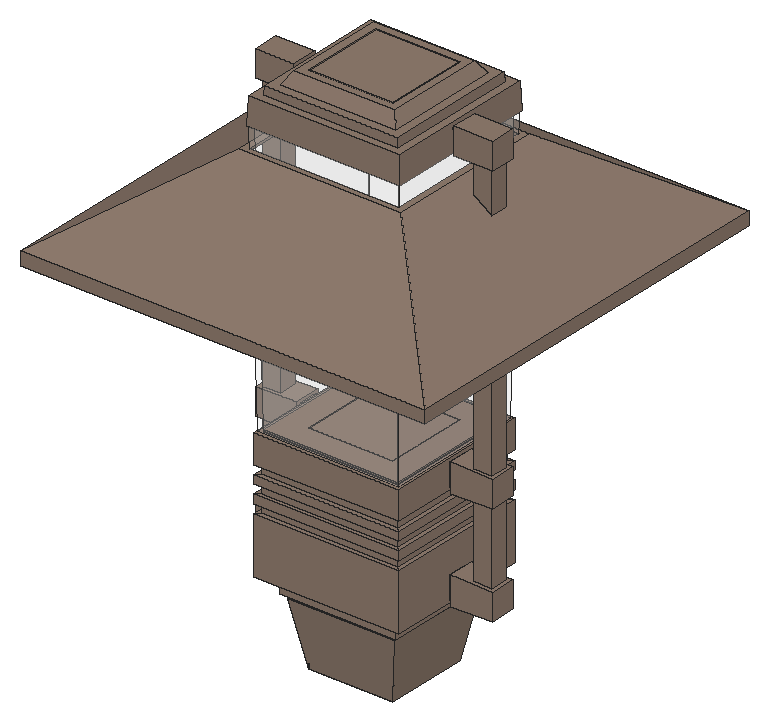
Revit family "PKWM", category Lighting Fixtures, host Face, Revit 2012 (continued)
Definition of nested family "Web PKWM"
  Parameters (values of type "PKWM-STR-Y3VC-32LED-3K-525")
    built-in parameter 1150137 = (empty or 0)
    built-in parameter 1150139 = (empty or 0)
    built-in parameter 1150112 = 1 (stored number, unit not read)
    built-in parameter 1150114 = 1 (stored number, unit not read)
    Lamp = ""
    built-in parameter 1150132 = (empty or 0)
    built-in parameter 1150102 = (empty or 0)
    built-in parameter 1150107 = 3000 (stored number, unit not read)
    built-in parameter 1150138 = (empty or 0)
    built-in parameter 1150106 = 1.5518 (stored number, unit not read)
    Emit from Line Length = 1.000"
    built-in parameter 1150104 = 7.5484 (stored number, unit not read)
    Dimming Lamp Color Temperature Shift = (empty or 0)
    Description = ""
    Default Elevation = 48.000"
    Color Filter = 16777215
    built-in parameter 1114218 = 1 (stored number, unit not read)
    built-in parameter 1150133 = 10 (stored number, unit not read)
  Types (8): name | Photometric Web File
    PKWM-STR-Y3VC-32LED-3K-525 | "PKWM-STR-Y3VC-32LED-3K-525.IES"
    PKWM-STR-Y3VC-32LED-4K-525 | "PKWM-STR-Y3VC-32LED-4K-525.IES"
    PKWM-STR-Y3VD-32LED-3K-525 | "PKWM-STR-Y3VD-32LED-3K-525.IES"
    PKWM-STR-Y3VD-32LED-4K-525 | "PKWM-STR-Y3VD-32LED-4K-525.IES"
    PKWM-STR-Y4VC-32LED-3K-525 | "PKWM-STR-Y4VC-32LED-3K-525.IES"
    PKWM-STR-Y4VC-32LED-4K-525 | "PKWM-STR-Y4VC-32LED-4K-525.IES"
    PKWM-STR-Y4VD-32LED-3K-525 | "PKWM-STR-Y4VD-32LED-3K-525.IES"
    PKWM-STR-Y4VD-32LED-4K-525 | "PKWM-STR-Y4VD-32LED-4K-525.IES"
  Reference planes (in)
    plane 1 "Center (Front/Back)": y = 0.03999
    plane 2: z = 0
    plane 3 "Center (Left/Right)": x = -0.23896
  Forms (in)
    Extrusion 1, solid
      sketch origin (0, 0, 0.06357) x (1, 0, 0) y (0, 1, 0)
        loop
          line (-48, 48) -> (-48, -48) -> (48, -48) -> (48, 48) -> (-48, 48)
      from -0.06357 to -6.06357
  Lines and regions (in)
    reference lines
      curve 1: line (-0.23896, 0.03999, 18.11448) -> (-0.23896, 0.03999, -22.88552)
      curve 2: line (-0.23896, 0.03999, 34) -> (-0.23896, 0.03999, -22.88552)
      curve 3: line (-0.23896, 29.03999, 0) -> (-0.23896, -29.96001, 0)
      curve 4: line (-37.23896, 0.03999, 0) -> (40.76104, 0.03999, 0)
  Dimensions and locks (in)
    aligned and locked: plane 2 to Extrusion 1
    aligned and locked: level to Extrusion 1
    aligned and locked: plane 3 "Center (Left/Right)" to imposter light
    aligned and locked: imposter light to plane 1 "Center (Front/Back)"
    aligned and locked: curve 1 to plane 3 "Center (Left/Right)"
    aligned and locked: plane 1 "Center (Front/Back)" to curve 2
    aligned and locked: curve 3 to plane 3 "Center (Left/Right)"
    aligned and locked: plane 1 "Center (Front/Back)" to curve 4
Types (14): name | Photometric Web | Finish
  (no name) | Web PKWM : PKWM-STR-Y3VC-32LED-3K-525 | Hubbell-Aluminum-Weathered Bronze
  PKWM- ATG | Web PKWM : PKWM-STR-Y3VC-32LED-3K-525 | Hubbell-Aluminum-Antique Green
  PKWM- AWT | Web PKWM : PKWM-STR-Y3VC-32LED-3K-525 | Hubbell-Aluminum-Artic White
  PKWM- BLK | Web PKWM : PKWM-STR-Y3VC-32LED-3K-525 | Hubbell-Aluminum-Black
  PKWM- MTB | Web PKWM : PKWM-STR-Y3VC-32LED-3K-525 | Hubbell-Aluminum-Matte Black
  PKWM- DGN | Web PKWM : PKWM-STR-Y3VC-32LED-3K-525 | Hubbell-Aluminum-Dark Green
  PKWM- DBZ | Web PKWM : PKWM-STR-Y3VC-32LED-3K-525 | Hubbell-Aluminum-Dark Bronze
  PKWM- WRZ | Web PKWM : PKWM-STR-Y3VC-32LED-3K-525 | Hubbell-Aluminum-Weathered Bronze
  PKWM- BRM | Web PKWM : PKWM-STR-Y3VD-32LED-4K-525 | Hubbell-Aluminum-Metalic Bronze
  PKWM- VBL | Web PKWM : PKWM-STR-Y3VC-32LED-3K-525 | Hubbell-Aluminum-Verde Blue
  PKWM- CRT | Web PKWM : PKWM-STR-Y3VC-32LED-3K-525 | Hubbell-Aluminum-Corten
  PKWM- MAL | Web PKWM : PKWM-STR-Y3VC-32LED-3K-525 | Hubbell-Aluminum-Matte
  PKWM- MDG | Web PKWM : PKWM-STR-Y3VC-32LED-3K-525 | Hubbell-Aluminum-Medium Grey
  PKWM- LGY | Web PKWM : PKWM-STR-Y3VC-32LED-3K-525 | Hubbell-Aluminum-Light Grey
